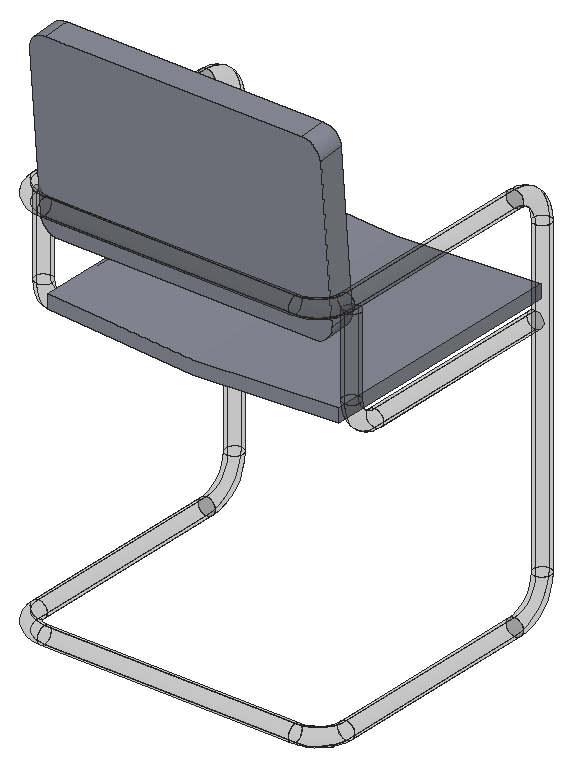
Revit family "АВЛН_Конференц-кресло", category Мебель, Revit 2019
Family settings
  Номер OmniClass = 23.40.20.00
  Заголовок OmniClass = General Furniture and Specialties
  На основе рабочей плоскости = Нет
  Всегда вертикально = Да
  При загрузке вырезать с полостями = Нет
  Общий = Нет
  Точка расчета площади = Нет
Parameters (values of type "Конференц-кресло")
  М_Сиденье = Текстиль - Серо-синий
  М_Основание = Пластмасса, непрозрачная, черная
  Описание = "Конференц-кресло"
  Type Comments = ""
  Keynote = ""
  Изготовитель = "Компания ФЕЛИКС"
  Группа модели = "Оборудование основных помещений школы"  # constant formula
  ADSK_Размер_Ширина = 428.839 mm
  ADSK_Размер_Длина = 480 mm
  ADSK_Размер_Высота = 457.2 mm
  ADSK_Обозначение = "СН-569Джуно"
  ADSK_Масса = 0
  ADSK_Код изделия = ""
  ADSK_Единица измерения = "шт"  # constant formula
Reference planes
  plane 1 "По центру (Вперед/Назад)": y = 0
  plane 2: z = 0
  plane 3 "По центру (Влево/Вправо)": x = 0
  plane 4 "сиденье": z = 457.2
  plane 5: y = 214.419
  plane 6: y = -214.419
  plane 7: x = -240
  plane 8: x = 240
  plane 9 "верх": z = 1206.467
Forms (mm)
  Sweep 1, solid, material "Пластмасса, непрозрачная, черная" <- "М_Основание"
    path origin (-227.3, -27.098, 0.01) x (0, -1, 0) y (0, 0, 1)
      loop
        arc (-177.8, 12.692) -> (-213.721, 27.571) -> (-228.6, 63.492) r 50.8
        line (-228.6, 63.492) -> (-228.6, 528.1)
        arc (-228.6, 528.1) -> (-213.721, 564.021) -> (-177.8, 578.9) r 50.8
    profile origin (-203.479, 0, 295.806) x (0, 1, 0) y (-1, 0, 0)
      loop
        circle (201.502, 23.821) r 12.7
  Extrusion 2, solid, material "Текстиль - Серо-синий" <- "М_Сиденье"
    sketch origin (0, -110.337, -16.309) x (0, 0.087156, -0.996195) y (-1, 0, 0)
      loop
        arc (-819.578, -189.192) -> (-812.139, -207.153) -> (-794.178, -214.592) r 25.4
        line (-794.178, -214.592) -> (-565.578, -214.592)
        arc (-565.578, -214.592) -> (-547.618, -207.153) -> (-540.178, -189.192) r 25.4
        line (-540.178, -189.192) -> (-540.178, 189.332)
        arc (-540.178, 189.332) -> (-547.618, 207.293) -> (-565.578, 214.732) r 25.4
        line (-565.578, 214.732) -> (-794.178, 214.732)
        arc (-794.178, 214.732) -> (-812.139, 207.293) -> (-819.578, 189.332) r 25.4
        line (-819.578, 189.332) -> (-819.578, -189.192)
    from -12.7 to 25.4
  Sweep 3, solid, material "Пластмасса, непрозрачная, черная" <- "М_Основание"
    path origin (0, 0, 570.321) x (1, 0, 0) y (0, 1, 0)
      loop
        line (-214.732, 150.702) -> (-214.732, -159.419)
        arc (-214.732, -159.419) -> (-205.946, -180.633) -> (-184.732, -189.419) r 30
        line (-184.732, -189.419) -> (185.5, -189.419)
        arc (185.5, -189.419) -> (206.071, -180.898) -> (214.592, -160.327) r 29.092
        line (214.592, -160.327) -> (214.592, 150.702)
    profile origin (0, -4.359, 0) x (1, 0, 0) y (0, 0, 1)
      loop
        circle (-227.511, 578.908) r 12.7
  Sweep 4, solid, material "Пластмасса, непрозрачная, черная" <- "М_Основание"
    path origin (0, 0, 0) x (1, 0, 0) y (0, 1, 0)
      loop
        line (-214.732, 150.702) -> (-214.732, -159.419)
        arc (-214.732, -159.419) -> (-205.946, -180.633) -> (-184.732, -189.419) r 30
        line (-184.732, -189.419) -> (185.5, -189.419)
        arc (185.5, -189.419) -> (206.071, -180.898) -> (214.592, -160.327) r 29.092
        line (214.592, -160.327) -> (214.592, 150.702)
    profile origin (0, -4.359, 0) x (1, 0, 0) y (0, 0, 1)
      loop
        circle (-227.511, 12.7) r 12.7
  Sweep 5, solid, material "Пластмасса, непрозрачная, черная" <- "М_Основание"
    path origin (227.3, -27.098, 0.008) x (0, -1, 0) y (0, 0, -1)
      loop
        arc (-177.8, -12.692) -> (-213.721, -27.571) -> (-228.6, -63.492) r 50.8
        line (-228.6, -63.492) -> (-228.6, -528.1)
        arc (-228.6, -528.1) -> (-213.721, -564.021) -> (-177.8, -578.9) r 50.8
    profile origin (-203.479, 0, 295.804) x (0, -1, 0) y (1, 0, 0)
      loop
        circle (-201.502, 430.779) r 12.7
  Sweep 6, solid, material "Пластмасса, непрозрачная, черная" <- "М_Основание"
    path origin (-227.3, 0.392, -4.105) x (0, -1, 0) y (0, 0, 1)
      loop
        line (137.816, 569.1) -> (137.816, 449.1)
        arc (137.816, 449.1) -> (129.029, 427.887) -> (107.816, 419.1) r 30
        line (107.816, 419.1) -> (-188.467, 419.1)
    profile origin (-203.479, 0, 504.995) x (-1, 0, 0) y (0, -1, 0)
      loop
        circle (23.821, 150.124) r 12.7
  Sweep 7, solid, material "Пластмасса, непрозрачная, черная" <- "М_Основание"
    path origin (227.3, 0.392, -4.105) x (0, -1, 0) y (0, 0, -1)
      loop
        line (137.816, -569.1) -> (137.816, -449.1)
        arc (137.816, -449.1) -> (129.029, -427.887) -> (107.816, -419.1) r 30
        line (107.816, -419.1) -> (-188.467, -419.1)
    profile origin (-203.479, 0, 504.995) x (1, 0, 0) y (0, 1, 0)
      loop
        circle (430.779, -150.124) r 12.7
  Extrusion 8, solid, material "Текстиль - Серо-синий" <- "М_Сиденье"
    sketch origin (-215.5, -152.4, 434.995) x (0, 0, -1) y (1, 0, 0)
      loop
        line (0.196, 0.768) -> (20.196, 0.768)
        arc (20.196, 0.768) -> (31.78, 215.43) -> (20.201, 430.092) r 1995.084
        line (20.201, 430.092) -> (0.201, 430.092)
        arc (0.201, 430.092) -> (11.78, 215.43) -> (0.196, 0.768) r 1995.084
    from -366.819 to 7.019
Lines and regions (mm)
  symbolic lines
    curve 1: line (-140, 214.419, 457.2) -> (140, 214.419, 457.2)
    curve 2: arc (200, 154.419, 457.2) -> (182.426, 196.846, 457.2) -> (140, 214.419, 457.2) r 60
    curve 3: line (200, -153.583, 457.2) -> (200, 154.419, 457.2)
    curve 4: arc (150.034, -212.738, 457.2) -> (185.837, -192.3, 457.2) -> (200, -153.583, 457.2) r 60
    curve 5: arc (-149.681, -213.633, 457.2) -> (0.214, -225.58, 457.2) -> (150.034, -212.738, 457.2) r 912.161
    curve 6: arc (-200, -154.419, 457.2) -> (-185.721, -193.273, 457.2) -> (-149.681, -213.633, 457.2) r 60
    curve 7: line (-200, 154.419, 457.2) -> (-200, -154.419, 457.2)
    curve 8: line (-240, 95.415, 457.2) -> (-240, -96.585, 457.2)
    curve 9: arc (-240, -96.585, 457.2) -> (-232.971, -113.556, 457.2) -> (-216, -120.585, 457.2) r 24
    curve 10: line (216, -120.585, 457.2) -> (-216, -120.585, 457.2)
    curve 11: arc (-216, 119.415, 457.2) -> (-232.971, 112.385, 457.2) -> (-240, 95.415, 457.2) r 24
    curve 12: line (-216, 119.415, 457.2) -> (-200, 119.415, 457.2)
    curve 13: line (200, 119.415, 457.2) -> (216, 119.415, 457.2)
    curve 14: arc (240, 95.415, 457.2) -> (232.971, 112.385, 457.2) -> (216, 119.415, 457.2) r 24
    curve 15: line (240, 95.415, 457.2) -> (240, -96.585, 457.2)
    curve 16: arc (216, -120.585, 457.2) -> (232.971, -113.556, 457.2) -> (240, -96.585, 457.2) r 24
    curve 17: arc (-140, 214.419, 457.2) -> (-182.426, 196.846, 457.2) -> (-200, 154.419, 457.2) r 60
  symbolic lines, not visible
    curve 18: line (-854.602, 338.854, 457.2) -> (-574.602, 338.854, 457.2)
    curve 19: arc (-514.602, 278.854, 457.2) -> (-532.175, 321.28, 457.2) -> (-574.602, 338.854, 457.2) r 60
    curve 20: line (-514.602, -29.149, 457.2) -> (-514.602, 278.854, 457.2)
    curve 21: arc (-564.568, -88.304, 457.2) -> (-528.765, -67.865, 457.2) -> (-514.602, -29.149, 457.2) r 60
    curve 22: arc (-864.282, -89.199, 457.2) -> (-714.388, -101.145, 457.2) -> (-564.568, -88.304, 457.2) r 912.161
    curve 23: arc (-914.602, -29.985, 457.2) -> (-900.323, -68.838, 457.2) -> (-864.282, -89.199, 457.2) r 60
    curve 24: line (-914.602, 278.854, 457.2) -> (-914.602, -29.985, 457.2)
    curve 25: line (-954.602, 219.849, 457.2) -> (-954.602, 27.849, 457.2)
    curve 26: arc (-954.602, 27.849, 457.2) -> (-947.572, 10.878, 457.2) -> (-930.602, 3.849, 457.2) r 24
    curve 27: line (-498.602, 3.849, 457.2) -> (-930.602, 3.849, 457.2)
    curve 28: arc (-930.602, 243.849, 457.2) -> (-947.572, 236.82, 457.2) -> (-954.602, 219.849, 457.2) r 24
    curve 29: line (-930.602, 243.849, 457.2) -> (-914.602, 243.849, 457.2)
    curve 30: line (-514.602, 243.849, 457.2) -> (-498.602, 243.849, 457.2)
    curve 31: arc (-474.602, 219.849, 457.2) -> (-481.631, 236.82, 457.2) -> (-498.602, 243.849, 457.2) r 24
    curve 32: line (-474.602, 219.849, 457.2) -> (-474.602, 27.849, 457.2)
    curve 33: arc (-498.602, 3.849, 457.2) -> (-481.631, 10.878, 457.2) -> (-474.602, 27.849, 457.2) r 24
    curve 34: arc (-854.602, 338.854, 457.2) -> (-897.028, 321.28, 457.2) -> (-914.602, 278.854, 457.2) r 60
Dimensions and locks
  plane 2 to plane 4 "сиденье" = 457.2 mm
  "ADSK_Размер_Ширина": plane 5 to plane 6
  "ADSK_Размер_Длина": plane 7 to plane 8
  "ADSK_Размер_Высота": level to plane 4 "сиденье"
  equal spacing: plane 7, plane 3 "По центру (Влево/Вправо)", plane 8
  equal spacing: plane 5, plane 1 "По центру (Вперед/Назад)", plane 6
  plane 4 "сиденье" to plane 9 "верх" = 749.267 mm
  aligned and locked: level to plane 2
  aligned and locked: plane 5 to Extrusion 8
  aligned and locked: Extrusion 8 to Sweep 3 sketch curve
  aligned and locked: Sweep 3 sketch curve to Extrusion 8
  aligned and locked: Extrusion 8 to Sweep 4 sketch curve
  aligned and locked: Sweep 4 sketch curve to Extrusion 8
  aligned and locked: Sweep 1 to Sweep 4 sketch curve
  aligned and locked: Sweep 5 to Sweep 4 sketch curve
  aligned and locked: Sweep 7 sketch curve to Sweep 6
  aligned and locked: Sweep 5 to Sweep 3 sketch curve
Automatic sketch dimensions
  curve 16 to curve 10 = 24 mm
  curve 15 to curve 14 = 24 mm
  curve 13 to curve 3 = 16 mm
  curve 3 to curve 1 = 60 mm
  curve 3 to curve 4 = 60 mm
  curve 2 to curve 5 = 142.51 mm
  curve 2 to curve 17 = 280 mm
  curve 4 to curve 6 = 280 mm
  curve 7 to curve 12 = 16 mm
  curve 6 to curve 9 = 16 mm
  curve 9 to curve 8 = 24 mm
  curve 5 to curve 1 = 472.158 mm
  curve 1 to curve 17 = 60 mm
  curve 17 to curve 12 = 35.005 mm
  curve 3 to curve 13 = 35.005 mm
  curve 11 to curve 9 = 192 mm
  curve 16 to curve 4 = 32.998 mm
  curve 10 to curve 7 = 33.834 mm
  curve 5 to curve 4 = 0 mm
  curve 33 to curve 27 = 24 mm
  curve 32 to curve 31 = 24 mm
  curve 30 to curve 20 = 16 mm
  curve 20 to curve 18 = 60 mm
  curve 20 to curve 21 = 60 mm
  curve 19 to curve 22 = 142.51 mm
  curve 19 to curve 34 = 280 mm
  curve 21 to curve 23 = 280 mm
  curve 24 to curve 29 = 16 mm
  curve 23 to curve 26 = 16 mm
  curve 26 to curve 25 = 24 mm
  curve 22 to curve 18 = 472.158 mm
  curve 18 to curve 34 = 60 mm
  curve 34 to curve 29 = 35.005 mm
  curve 20 to curve 30 = 35.005 mm
  curve 28 to curve 26 = 192 mm
  curve 33 to curve 21 = 32.998 mm
  curve 27 to curve 24 = 33.834 mm
  curve 22 to curve 21 = 0 mm
  Sweep 1 sketch curve to plane 5 = 12.917 mm
  Sweep 1 sketch curve to plane 5 = 63.717 mm  (x2)
  level to Sweep 1 sketch curve = 63.502 mm
  Sweep 1 sketch curve to plane 4 "сиденье" = 70.91 mm
  Sweep 1 sketch curve to Sweep 1 sketch curve = 0 mm  (x2)
  profile plane to Sweep 1 sketch curve = 0 mm
  profile plane to Sweep 1 sketch curve = 12.7 mm
  Extrusion 2 sketch curve to plane 8 = 50.808 mm  (x2)
  Extrusion 2 sketch curve to plane 8 = 25.408 mm
  Extrusion 2 sketch curve to Extrusion 2 sketch curve = 25.4 mm
  plane 7 to Extrusion 2 sketch curve = 25.268 mm
  Extrusion 2 sketch curve to Extrusion 2 sketch curve = 228.6 mm  (x2)
  Sweep 3 sketch curve to Sweep 3 sketch curve = 0 mm  (x2)
  profile plane to Sweep 3 sketch curve = 12.779 mm
  Sweep 3 sketch curve to Sweep 3 sketch curve = 12.7 mm
  Sweep 4 sketch curve to Sweep 4 sketch curve = 0 mm  (x2)
  profile plane to Sweep 4 sketch curve = 12.779 mm
  Sweep 4 sketch curve to Sweep 4 sketch curve = 12.7 mm
  Sweep 5 sketch curve to plane 5 = 12.917 mm
  Sweep 5 sketch curve to plane 5 = 63.717 mm  (x2)
  Sweep 5 sketch curve to plane 4 "сиденье" = 70.908 mm
  level to Sweep 5 sketch curve = 63.5 mm
  Sweep 5 sketch curve to Sweep 5 sketch curve = 0 mm  (x2)
  Sweep 5 sketch curve to profile plane = 0 mm
  Sweep 5 sketch curve to Sweep 5 sketch curve = 12.7 mm
  Sweep 6 sketch curve to Sweep 6 sketch curve = 0 mm  (x2)
  Sweep 6 sketch curve to profile plane = 0 mm
  Sweep 6 sketch curve to profile plane = 12.7 mm
  plane 4 "сиденье" to Sweep 7 sketch curve = 42.205 mm
  plane 6 to Sweep 7 sketch curve = 106.995 mm
  plane 4 "сиденье" to Sweep 7 sketch curve = 12.205 mm
  Sweep 7 sketch curve to plane 4 "сиденье" = 107.795 mm
  Sweep 7 sketch curve to Sweep 7 sketch curve = 0 mm  (x2)
  profile plane to Sweep 7 sketch curve = 0 mm
  profile plane to Sweep 7 sketch curve = 12.7 mm
  Extrusion 8 sketch curve to plane 3 "По центру (Влево/Вправо)" = 0.046 mm  (x2)
  plane 9 "верх" to Extrusion 8 sketch curve = 1211.832 mm
  Extrusion 8 sketch curve to Extrusion 8 sketch curve = 20 mm  (x2)
  plane 4 "сиденье" to Extrusion 8 sketch curve = 22.406 mm
  plane 4 "сиденье" to Extrusion 8 sketch curve = 22.401 mm
  plane 7 to Extrusion 8 sketch curve = 25.268 mm
  plane 4 "сиденье" to Sweep 6 sketch curve = 42.205 mm
  plane 6 to Sweep 6 sketch curve = 106.995 mm
  plane 4 "сиденье" to Sweep 6 sketch curve = 12.205 mm
  Sweep 6 sketch curve to plane 5 = 25.561 mm
  Sweep 6 sketch curve to plane 4 "сиденье" = 107.795 mm
  Sweep 3 sketch curve to Sweep 3 sketch curve = 30 mm
  Sweep 3 sketch curve to Sweep 3 sketch curve = 29.092 mm
  plane 6 to Sweep 3 sketch curve = 55 mm
  Sweep 3 sketch curve to plane 5 = 63.717 mm
  Sweep 4 sketch curve to Sweep 4 sketch curve = 30 mm
  Sweep 4 sketch curve to Sweep 4 sketch curve = 29.092 mm
  plane 6 to Sweep 4 sketch curve = 55 mm
